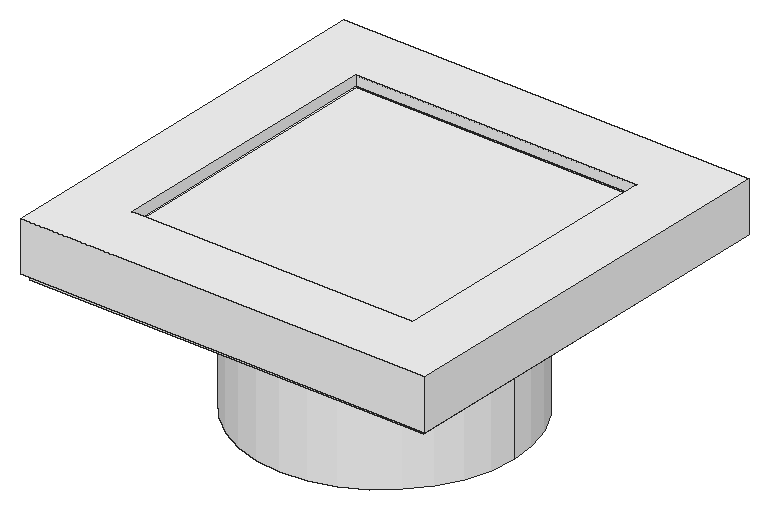
Revit family "Gira_284426", category Electrical Fixtures, host Face, Revit 2017
Family settings
  Host = Face
  Maintain Annotation Orientation = Yes
  Round Connector Dimension = Use Diameter
  Part Type = Normal
  Cut with Voids When Loaded = No
  Shared = No
  Room Calculation Point = No
Parameters (values of type "Wipptaster BS 3f Schließer System 55 F Alu")
  Zusammenstellung = "Basiselement mit Adapterplatte"
  White [instance] = White
  Werkstoffgüte = "sonstige"
  Werkstoff = "sonstige"
  URL = "http://katalog.gira.de/de_DE/datenblatt.html?artikelnr=284426"
  Transparent = "No"
  Textfeld/Beschriftungsfläche = "No"
  Region = "DE"
  Oberfläche = "sonstige"
  Name = "Wipptaster BS 3f Schließer System 55 F Alu"
  Montageart = "unter Putz"
  Model = "Sys55_Komplettgerät_Schalten und Tasten"
  Mit Beleuchtung = "No"
  Manufacturer URL = "https://www.gira.de/"
  Kontakte = "sonstige"
  HeinzeBIM = "https://bimportal.heinze.de/bim/wipptaster-bs-3f-schliesser-system-55-f-alu/8a902496e7e4be6738c38e03717799fdec74f0b2"
  Halogenfrei = "Yes"
  HAN = "284426"
  Geeignet für Schutzart (IP) = "IP20"
  GTIN = "4010337082057"
  Farbe = "aluminium"
  Default Elevation = 1219.2 mm
  Data sheet (1) = "https://katalog.gira.de/de_DE/download.html?artikelnr=284426"
  Category = "Taster"
  Befestigungsart = "Krallen-/Schraubbefestigung"
  Bedienungsart = "Wippe"
  Available = "Yes"
  Ausführung = "Gruppentaster"
  Aufdruck = "ohne"
  Anzahl der Betätigungswippen = "3 "
Reference planes
  plane 1 "Center (Front/Back)": y = 0
  plane 2: z = 0
  plane 3 "Center (Left/Right)": x = 0
Forms (mm)
  Extrusion 1, solid, material "White" <- "White", detail levels medium
    sketch origin (0, 0, 0) x (1, 0, 0) y (0, 1, 0)
      loop
        line (-40.4, 40.4) -> (-40.4, -40.4) -> (40.4, -40.4) -> (40.4, 40.4) -> (-40.4, 40.4)
      loop
        line (-28, 28) -> (-28, -28) -> (28, -28) -> (28, 28) -> (-28, 28)
    from 0 to 10
  Extrusion 2, solid, material "White" <- "White", detail levels fine
    sketch origin (0, 0, 0) x (1, 0, 0) y (0, 1, 0)
      loop
        line (-40.4, 40.4) -> (-40.4, -40.4) -> (40.4, -40.4) -> (40.4, 40.4) -> (-40.4, 40.4)
      loop
        line (-28, 28) -> (-28, -28) -> (28, -28) -> (28, 28) -> (-28, 28)
    from 0 to 10
  Extrusion 3, void
    sketch origin (0, 0, 0) x (1, 0, 0) y (0, 1, 0)
      loop
        line (-38.4, 38.4) -> (-38.4, -38.4) -> (38.4, -38.4) -> (38.4, 38.4) -> (-38.4, 38.4)
    from 0 to 8
  Extrusion 4, solid, material "White" <- "White", detail levels medium+fine
    sketch origin (0, 0, 0) x (1, 0, 0) y (0, 1, 0)
      loop
        line (-39.4, 39.4) -> (-39.4, -39.4) -> (39.4, -39.4) -> (39.4, 39.4) -> (-39.4, 39.4)
    from 0 to -1
  Extrusion 5, solid, material "White" <- "White", detail levels medium+fine
    sketch origin (0, 0, 0) x (1, 0, 0) y (0, 1, 0)
      loop
        line (-35.5, 35.5) -> (-35.5, -35.5) -> (35.5, -35.5) -> (35.5, 35.5) -> (-35.5, 35.5)
    from -2 to -3
  Extrusion 6, solid, material "White" <- "White", detail levels medium+fine
    sketch origin (0, 0, 0) x (1, 0, 0) y (0, 1, 0)
      loop
        circle (0, 0) r 26
    from 0 to -27.5
  Extrusion 7, solid, material "White" <- "White", detail levels coarse
    sketch origin (0, 0, 0) x (1, 0, 0) y (0, 1, 0)
      loop
        line (-40.4, 40.4) -> (-40.4, -40.4) -> (40.4, -40.4) -> (40.4, 40.4) -> (-40.4, 40.4)
    from -27.5 to 10
Cuts and joins
  Extrusion 3 cuts Extrusion 2
Dimensions and locks
  aligned and locked: plane 2 to host face
  aligned and locked: level to host face
  aligned and locked: plane 3 "Center (Left/Right)" to nested 2
  aligned and locked: plane 1 "Center (Front/Back)" to nested 2
Nested families
  nested 1: "Sys55_Abdeckung_Schalten und Tasten_floor_base" at (0, 0, 0), type "Sys55_Abdeckung_Schalten und Tasten_floor_base"
  nested 2: "Schalter" at (0, 0, 0), type "Schalter"
Connectors
  electrical at (0, 0, -27.5)
    settings: on Extrusion 6, index 1, voltage 220 V, apparent load 0 VA, apparent load phase1 0 VA, apparent load phase2 0 VA, apparent load phase3 0 VA, power factor 1, load classification "Other", number of poles 1, system type 30, power factor state 1, is connector primary yes, connector utility no, sub classification motor no, connector description ""
Definition of nested family "Sys55_Abdeckung_Schalten und Tasten_floor_base"
  Parameters
    Default Elevation = 1219.2 mm
    White [instance] = none
  Reference planes
    plane 1 "Center (Front/Back)": y = 0
    plane 2: z = 0
    plane 3 "Center (Left/Right)": x = 0
  Forms (mm)
    Extrusion 1, solid
      sketch origin (0, 0, 0) x (1, 0, 0) y (0, 1, 0)
        loop
          line (-1219.2, 1219.2) -> (-1219.2, -1219.2) -> (1219.2, -1219.2) -> (1219.2, 1219.2) -> (-1219.2, 1219.2)
      from 0 to -304.8
    Extrusion 2, solid, material <- "White", detail levels fine
      sketch origin (0, 0, 0) x (1, 0, 0) y (0, 1, 0)
        loop
          line (-27.5, 27.5) -> (-27.5, -27.5) -> (27.5, -27.5) -> (27.5, 27.5) -> (-27.5, 27.5)
      from 0 to 8
    Extrusion 3, void
      sketch origin (0, 0, 0) x (1, 0, 0) y (0, 1, 0)
        loop
          line (26, 26) -> (-26, 26) -> (-26, -26) -> (26, -26) -> (26, 26)
      from 0 to 6
    Extrusion 4, solid, material <- "White", detail levels medium
      sketch origin (0, 0, 0) x (1, 0, 0) y (0, 1, 0)
        loop
          line (-27.5, 27.5) -> (-27.5, -27.5) -> (27.5, -27.5) -> (27.5, 27.5) -> (-27.5, 27.5)
      from 0 to 8
    Extrusion 5, solid, material <- "White", detail levels medium
      sketch origin (0, 0, 0) x (1, 0, 0) y (0, 1, 0)
        loop
          line (11, -17.5) -> (11, 17.5) -> (-11, 17.5) -> (-11, -17.5) -> (11, -17.5)
      from -6 to 6
    Extrusion 6, solid, material <- "White", detail levels fine
      sketch origin (0, 0, 0) x (1, 0, 0) y (0, 1, 0)
        loop
          line (11, 17.5) -> (-11, 17.5) -> (-11, 16.5) -> (11, 16.5) -> (11, 17.5)
        loop
          line (-11, -16.5) -> (-11, -17.5) -> (11, -17.5) -> (11, -16.5) -> (-11, -16.5)
      from -4 to 6
    Extrusion 7, solid, material <- "White", detail levels fine
      sketch origin (0, 0, 0) x (1, 0, 0) y (0, 1, 0)
        loop
          arc (5, 9.347) -> (0, 10.6) -> (-5, 9.347) r 10.6
          line (-5, 9.347) -> (-5, -9.347)
          arc (-5, -9.347) -> (0, -10.6) -> (5, -9.347) r 10.6
          line (5, -9.347) -> (5, 9.347)
      from -6 to 6
    Extrusion 8, solid, material <- "White", detail levels coarse
      sketch origin (0, 0, 0) x (1, 0, 0) y (0, 1, 0)
        loop
          line (-27.5, 27.5) -> (-27.5, -27.5) -> (27.5, -27.5) -> (27.5, 27.5) -> (-27.5, 27.5)
      from -6 to 8
  Cuts and joins
    Extrusion 3 cuts Extrusion 2
  Dimensions and locks
    aligned and locked: plane 2 to Extrusion 1
    aligned and locked: level to Extrusion 1
Definition of nested family "Schalter"
  Reference planes
    plane 1: y = 0
    plane 2: x = 0
  Lines and regions (mm)
    detail lines
      curve 1: circle (1.375, 2.778, 0) r 0.8 normal (0, 0, 1)
      curve 2: line (1.021, 2.061, 0) -> (0, 0, 0)
      curve 3: line (0, 0, 0) -> (-0.538, 0.266, 0)
  Dimensions and locks
    curve 2 to curve 2 = 2.3 mm
    curve 3 to curve 2 = 0.6 mm
    radius of curve 1 = 0.8 mm
